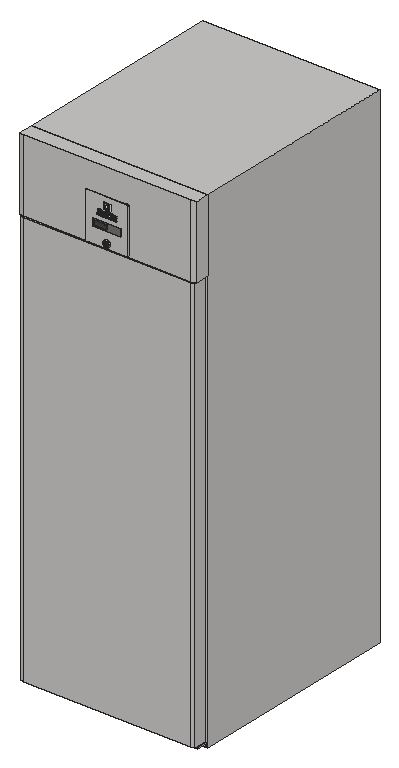
Revit family "QF_ELECTROLUXPROFESSIONAL_725094_RI093RE1F", category Specialty Equipment, Revit 2018
Family settings
  Round Connector Dimension = Use Diameter
  Part Type = Normal
  Work Plane-Based = No
  Always vertical = Yes
  Cut with Voids When Loaded = No
  Shared = No
  Room Calculation Point = No
Parameters (values of type "Standard")
  Weight = 144.00 kg
  Watts = 0 W
  Volts = 220 V
  URL Manufacturer = "http://professional.electrolux.com"
  URL = "http://professional.electrolux.com"
  Steam Supply Size = 0 mm
  Steam Supply Minimum Pressure = 0.0 Pa
  Steam Supply Maximum Pressure = 0.0 Pa
  Steam Pounds per Hour = 0
  Refrigeration Suction Line Size = 0 mm
  Refrigeration Liquid Line Size = 0 mm
  Refrigerant Compressor Remote = yes
  Manufacturer = "Electrolux Professional"
  Phase = 1
  Model = "RI093RE1F"
  Length Actual = 750 mm  # constant formula
  Item Number = "725094"
  Hot Water Size = 0 mm
  Height Actual = 2111 mm  # constant formula
  HP = "0.4 HP"
  Gas Size = 0 mm
  Gas KW = 0
  Gas Input Pressure = 0 W
  Direct Waste Size = 0 mm
  Description = "1-DOOR ROLL-IN REFRIGERATOR 930LT 0/+10°C R290"
  Depth Actual = 986 mm  # constant formula
  Cycle = 50 Hz
  Condensate Return Size = 0 mm
  Compressed Air Volume = 0.0 L/s
  Compressed Air Size = 0 mm
  Compressed Air Pressure = 0.0 Pa
  Cold Water Size = 0 mm
  Accessory = yes
Types (2, lengths in mm): name | URL | Manufacturer | Phase | Model | Description
  (no name) | 0 | 0 | 0 | 0 | 0
  Standard | "http://professional.electrolux.com" | "Electrolux Professional" | 1 | "RI093RE1F" | "1-DOOR ROLL-IN REFRIGERATOR 930LT 0/+10°C R290"
Values of the unnamed type that differ from the named types
  Volts = 0 V
  URL Manufacturer = ""
  Item Number = ""
  Cycle = 0 Hz
Reference planes
  plane 1 "Center (Front/Back)": y = 0
  plane 2: z = 0
  plane 3 "Center (Left/Right)": x = 0
  plane 4 "TOP": z = 2111
  plane 5 "FRONT": y = -493
  plane 6 "BACK": y = 493
  plane 7 "LEFT": x = -375
  plane 8 "RIGHT": x = 375
  plane 9 "ROy": y = 220
  plane 10 "RIy": y = 167
  plane 11 "ROx": x = 129
  plane 12 "RIx": x = 192
  plane 13 "ROz": z = 2004
Forms (mm)
  Extrusion 1, solid, material "QF_Finishes_Stainless Steel"
    sketch origin (0, 0, 0) x (1, 0, 0) y (0, 1, 0)
      loop
        line (-375, 493) -> (-375, -421) -> (375, -421) -> (375, 493) -> (-375, 493)
    from 0 to 2111
  Extrusion 2, solid
    sketch origin (0, 493, 1872) x (-1, 0, 0) y (0, 0, 1)
      loop
        circle (359, 144) r 10
    from 0 to 3.2
  Extrusion 3, solid, material "QF_Clearances", detail levels coarse
    sketch origin (0, 0, 0) x (1, 0, 0) y (0, 1, 0)
      loop
        line (-375, -493) -> (-375, 493) -> (375, 493) -> (375, -493) -> (425, -493) -> (425, 543) -> (-425, 543) -> (-425, -493) -> (-375, -493)
    from 0 to 2111
  Extrusion 4, solid, material "QF_Clearances", detail levels coarse
    sketch origin (0, 0, 2111) x (-1, 0, 0) y (0, -1, 0)
      loop
        line (425, -543) -> (425, 493) -> (-425, 493) -> (-425, -543) -> (425, -543)
    from 0 to 500
  Extrusion 5, void
    sketch origin (0, 493, 0) x (-1, 0, 0) y (0, 0, 1)
      loop
        line (315, 1723.5) -> (-315, 1723.5) -> (-315, 5) -> (315, 5) -> (315, 1723.5)
    from -59 to -914
Cuts and joins
  joined: Extrusion 3, Extrusion 4
  Extrusion 5 cuts Extrusion 1
Lines and regions (mm)
  symbolic lines, style "QF_Clearances", detail levels coarse
    curve 1: line (-375, -493, 2111) -> (-425, -493, 2111)
    curve 2: line (-425, -493, 2111) -> (-425, 543, 2111)
    curve 3: line (-425, 543, 2111) -> (425, 543, 2111)
    curve 4: line (425, 543, 2111) -> (425, -493, 2111)
    curve 5: line (425, -493, 2111) -> (375, -493, 2111)
Dimensions and locks
  plane 6 "BACK" to plane 1 "Center (Front/Back)" to plane 5 "FRONT" = 493 mm, 493 mm
  equal spacing: plane 7 "LEFT", plane 3 "Center (Left/Right)", plane 8 "RIGHT"
  plane 7 "LEFT" to plane 8 "RIGHT" = 750 mm
  plane 6 "BACK" to plane 5 "FRONT" = 986 mm
  plane 4 "TOP" to plane 2 = 2111 mm
  equal spacing: plane 8 "RIGHT", plane 3 "Center (Left/Right)", plane 7 "LEFT"
  plane 6 "BACK" to nested 1 = 1664 mm
  cut or joined group of Extrusion 1, Extrusion 5 to cut or joined group of Extrusion 1, Extrusion 5 = 630 mm
  cut or joined group of Extrusion 1, Extrusion 5 to cut or joined group of Extrusion 1, Extrusion 5 = 855 mm
  plane 6 "BACK" to plane 10 "RIy" = 326 mm
  plane 12 "RIx" to cut or joined group of Extrusion 1, Extrusion 5 = 183 mm
  plane 11 "ROx" to plane 12 "RIx" = 63 mm
  cut or joined group of Extrusion 1, Extrusion 5 to plane 13 "ROz" = 107 mm
  cut or joined group of Extrusion 3, Extrusion 4 to plane 4 "TOP" = 500 mm
  nested 1 to cut or joined group of Extrusion 1, Extrusion 5 = 980 mm
  nested 1 to nested 1 = 16 mm
  cut or joined group of Extrusion 3, Extrusion 4 to cut or joined group of Extrusion 1, Extrusion 5 = 50 mm
  cut or joined group of Extrusion 3, Extrusion 4 to plane 7 "LEFT" = 50 mm
  cut or joined group of Extrusion 1, Extrusion 5 to cut or joined group of Extrusion 3, Extrusion 4 = 50 mm
  plane 4 "TOP" to plane 13 "ROz" = 107 mm
  plane 9 "ROy" to plane 10 "RIy" = 53 mm
  aligned and locked: level to plane 2
Automatic sketch dimensions
  plane 7 "LEFT" to Extrusion 2 sketch curve = 16 mm
  Extrusion 4 sketch curve to plane 5 "FRONT" = 0 mm
  Extrusion 4 sketch curve to plane 8 "RIGHT" = 50 mm
  Extrusion 4 sketch curve to plane 7 "LEFT" = 50 mm
  plane 6 "BACK" to Extrusion 4 sketch curve = 50 mm
  Extrusion 1 sketch curve to plane 7 "LEFT" = 0 mm
  Extrusion 1 sketch curve to plane 8 "RIGHT" = 0 mm
  Extrusion 1 sketch curve to plane 6 "BACK" = 0 mm
  plane 5 "FRONT" to Extrusion 1 sketch curve = 72 mm
  Extrusion 2 sketch curve to plane 4 "TOP" = 95 mm
  Extrusion 3 sketch curve to plane 5 "FRONT" = 0 mm  (x2)
  Extrusion 3 sketch curve to plane 7 "LEFT" = 0 mm
  Extrusion 3 sketch curve to plane 6 "BACK" = 0 mm
  Extrusion 3 sketch curve to plane 8 "RIGHT" = 0 mm
  Extrusion 3 sketch curve to plane 7 "LEFT" = 50 mm
  Extrusion 3 sketch curve to plane 8 "RIGHT" = 50 mm
  plane 6 "BACK" to Extrusion 3 sketch curve = 50 mm
  level to Extrusion 5 sketch curve = 5 mm
  plane 8 "RIGHT" to Extrusion 5 sketch curve = 60 mm
  plane 7 "LEFT" to Extrusion 5 sketch curve = 60 mm
  Extrusion 5 sketch curve to plane 4 "TOP" = 387.5 mm
  curve 4 to plane 5 "FRONT" = 0 mm
  curve 5 to plane 8 "RIGHT" = 0 mm
  curve 1 to plane 5 "FRONT" = 0 mm
  curve 1 to plane 7 "LEFT" = 0 mm
  curve 4 to plane 8 "RIGHT" = 50 mm
  curve 2 to plane 7 "LEFT" = 50 mm
  plane 6 "BACK" to curve 4 = 50 mm
  radius of Extrusion 2 sketch curve = 10 mm
Nested families
  nested 1: "QF_725094_Door" at (0, -421, 1060.5) x (1, 0, 0) z (0, -1, 0), type "QF_725094_Door"
    with Show Clearance yes
  nested 2: "Refrigerator" at (370, -442.5, 110), type "Refrigerator"
Connectors
  electrical at (-359, 496.2, 2016), driven by "Volts"
    settings: on Extrusion 2, index 2, voltage 220 V, apparent load 0 VA, apparent load phase1 0 VA, apparent load phase2 0 VA, apparent load phase3 0 VA, power factor 1, load classification "Other", number of poles 1, system type 30, power factor state 1, is connector primary yes, connector utility no, sub classification motor no, connector description "Electrical Connection"
Definition of nested family "QF_725094_Door"
  Parameters
    Show Clearance [instance] = yes
    Model = "725094"
    Default Elevation = 1219.2 mm
  Reference planes
    plane 1 "Center (Front/Back)": y = 7.5
    plane 2: z = 0
    plane 3 "Center (Left/Right)": x = 0
  Forms (mm)
    Extrusion 1, solid
      sketch origin (0, -919.2, 0) x (1, 0, 0) y (0, 1, 0)
        loop
          line (-740, 2119.2) -> (-740, -324.806) -> (846.344, -324.806) -> (846.344, 2119.2) -> (-740, 2119.2)
      from 0 to -59.546
    Extrusion 2, solid
      sketch origin (0, 7.5, 0) x (1, 0, 0) y (0, 0, 1)
        loop
          line (-375, 60.667) -> (-375, 0) -> (375, 0) -> (375, 60.667) -> (355, 66) -> (-355, 66) -> (-375, 60.667)
      from -1043 to -733
    Extrusion 3, solid
      sketch origin (0, 7.5, 0) x (1, 0, 0) y (0, 0, 1)
        loop
          line (-370, 62) -> (-370, 26) -> (-348, 26) -> (-348, 8) -> (-330, 8) -> (-330, 0) -> (362, 0) -> (362, 8) -> (370, 8) -> (370, 62) -> (355, 66) -> (-355, 66) -> (-370, 62)
      from -726 to 1043
    Extrusion 4, solid
      sketch origin (147, -721.5, 0) x (0, 1, 0) y (0, 0, 1)
        loop
          line (-323.003, 40.312) -> (-316.501, 40.312) -> (-316.501, 42.812) -> (-325.503, 42.812) -> (-325.503, 2.5) -> (-339, 2.5) -> (-339, 0) -> (-323.003, 0) -> (-323.003, 12.259) -> (-323.003, 40.312)
        loop
          line (-314, 38.311) -> (-316.501, 38.311) -> (-316.501, 14.304) -> (-319.752, 14.304) -> (-319.752, 11.804) -> (-314, 11.804) -> (-314, 38.311)
      from 185 to 220
    Extrusion 5, solid
      sketch origin (147, 499.597, 0) x (0, 1, 0) y (0, 0, 1)
        loop
          line (233.903, 27.948) -> (233.903, 2.948) -> (233.903, 0) -> (240.903, 0) -> (240.903, 2.5) -> (236.403, 2.5) -> (236.403, 27.948) -> (233.903, 27.948)
      from 185 to 220
    Extrusion 6, solid, detail levels coarse
      sketch origin (24, 1013.369, -334) x (-1, 0, 0) y (0, 0, -1)
        loop
          line (-367, -352) -> (-367, -1084) -> (-329, -1084) -> (-329, -1062) -> (-311, -1062) -> (-311, -1044) -> (-303, -1044) -> (-303, -400) -> (-351, -400) -> (-351, -352) -> (-367, -352)
      from 2048.869 to 279.869
    Extrusion 7, solid, detail levels coarse
      sketch origin (41, 1123.369, -334) x (1, 0, 0) y (0, 0, 1)
        loop
          line (286, 400) -> (286, 1044) -> (294, 1044) -> (294, 1062) -> (312, 1062) -> (312, 1084)
          arc (312, 1084) -> (-184.675, 884.882) -> (-411, 400) r 727.877
          line (-411, 400) -> (286, 400)
      from 2158.869 to 389.869
  Lines and regions (mm)
    symbolic lines
      curve 1: line (-375, 7.5, 0) -> (-375, 7.5, 60.667)
      curve 2: line (375, 7.5, 0) -> (-375, 7.5, 0)
      curve 3: line (391, 7.5, 18) -> (391, 7.5, 750)
      curve 4: line (327, 7.5, 66) -> (327, 7.5, 710)
      curve 5: line (391, 7.5, 750) -> (353, 7.5, 750)
      curve 6: line (353, 7.5, 728) -> (353, 7.5, 750)
      curve 7: line (335, 7.5, 728) -> (353, 7.5, 728)
      curve 8: line (335, 7.5, 710) -> (335, 7.5, 728)
      curve 9: line (327, 7.5, 710) -> (335, 7.5, 710)
      curve 10: line (375, 7.5, 18) -> (391, 7.5, 18)
      curve 11: arc (353, 7.5, 750) -> (-143.675, 7.5, 550.882) -> (-370, 7.5, 66) r 727.877
      curve 12: line (375, 7.5, 0) -> (375, 7.5, 60.667)
      curve 13: line (-355, 7.5, 66) -> (-375, 7.5, 60.667)
      curve 14: line (355, 7.5, 66) -> (-355, 7.5, 66)
      curve 15: line (375, 7.5, 60.667) -> (355, 7.5, 66)
  Dimensions and locks
    Extrusion 4 to Extrusion 2 = 2111 mm
    Extrusion 3 to Extrusion 3 = 740 mm
    aligned and locked: plane 2 to Extrusion 1
    aligned and locked: level to Extrusion 1
  Nested families
    nested 1: "QF_DisplayNewRollCabinets_ELX" at (0, 840.5, 66), type "QF_DisplayNewRollCabinets_ELX"
      with Show Clearance yes
  Definition of nested family "QF_DisplayNewRollCabinets_ELX"
    Parameters
      Show Clearance [instance] = yes
      Model = "728658"
      Default Elevation = 1219.2 mm
    Reference planes
      plane 1 "Center (Front/Back)": y = 0
      plane 2: z = 0
      plane 3 "Center (Left/Right)": x = 0
    Forms (mm)
      Extrusion 1, solid
        sketch origin (0, -919.2, 0) x (1, 0, 0) y (0, 1, 0)
          loop
            line (-198.75, 1146.2) -> (-198.75, 709.567) -> (165.741, 709.567) -> (165.741, 1146.2) -> (-198.75, 1146.2)
        from 0 to -59.546
      Extrusion 2, solid
        sketch origin (-59, -79.611, 0) x (0, 1, 0) y (-1, 0, 0)
          loop
            circle (0.611, -59) r 14
          loop
            circle (0.611, -59) r 10
        from 1.6 to 6
      Extrusion 3, solid
        sketch origin (744.635, 285.889, 0) x (0, 1, 0) y (-1, 0, 0)
          loop
            circle (-364.889, 744.635) r 10
          loop
            circle (-364.889, 744.635) r 9
        from 1.6 to 6
      Extrusion 4, solid
        sketch origin (744.635, 285.889, 0) x (0, 1, 0) y (-1, 0, 0)
          loop
            circle (-364.889, 744.635) r 8.7
        from 1.6 to 6
      Extrusion 5, void
        sketch origin (744.635, 285.889, 0) x (0, 1, 0) y (-1, 0, 0)
          loop
            line (-372.339, 745.885) -> (-372.339, 743.385) -> (-362.339, 743.385) -> (-362.339, 745.885) -> (-372.339, 745.885)
        from 3 to 7
      Extrusion 6, solid
        sketch origin (0, 0, 0) x (1, 0, 0) y (0, 1, 0)
          loop
            arc (-90, -95) -> (-88.536, -98.536) -> (-85, -100) r 5
            line (-85, -100) -> (85, -100)
            arc (85, -100) -> (88.536, -98.536) -> (90, -95) r 5
            line (90, -95) -> (90, 95)
            arc (90, 95) -> (88.536, 98.536) -> (85, 100) r 5
            line (85, 100) -> (-85, 100)
            arc (-85, 100) -> (-88.536, 98.536) -> (-90, 95) r 5
            line (-90, 95) -> (-90, -95)
          loop
            line (-60, -3.798) -> (-60, -32.827) -> (60, -32.827) -> (60, -3.798) -> (-60, -3.798)
        from 0 to 1.6
      Extrusion 7, solid
        sketch origin (0, 0, 0) x (1, 0, 0) y (0, 1, 0)
          loop
            line (-60, -3.798) -> (-60, -32.827) -> (60, -32.827) -> (60, -3.798) -> (-60, -3.798)
          loop
            line (-56.428, -8.037) -> (-56.428, -28.331) -> (0, -28.331) -> (0, -8.037) -> (-56.428, -8.037)
        from 0 to 1.6
      Extrusion 8, solid
        sketch origin (0, 0, 0) x (1, 0, 0) y (0, 1, 0)
          loop
            line (-56.428, -8.037) -> (-56.428, -28.331) -> (0, -28.331) -> (0, -8.037) -> (-56.428, -8.037)
        from 0 to 1.6
      Extrusion 9, solid
        sketch origin (0, 0, 0) x (1, 0, 0) y (0, 1, 0)
          loop
            spline (-35.495, 30.517) -> (-35.679, 30.525) -> (-35.875, 30.55) -> (-36.078, 30.596) -> (-36.282, 30.665) -> (-36.483, 30.762) -> (-36.674, 30.888) -> (-36.851, 31.047) -> (-37.007, 31.242) -> (-37.138, 31.476) -> (-37.238, 31.752) -> (-37.302, 32.073) -> (-37.325, 32.443)
            line (-37.325, 32.443) -> (-37.325, 34.082) -> (-31.914, 34.082) -> (-31.914, 36.172) -> (-37.326, 36.172) -> (-37.326, 39.215) -> (-31.569, 39.215) -> (-31.569, 41.3) -> (-39.541, 41.3) -> (-39.541, 32.538)
            spline (-39.541, 32.538) -> (-39.521, 31.999) -> (-39.461, 31.491) -> (-39.359, 31.016) -> (-39.214, 30.575) -> (-39.026, 30.17) -> (-38.792, 29.803) -> (-38.513, 29.476) -> (-38.186, 29.19) -> (-37.811, 28.948) -> (-37.386, 28.75) -> (-36.91, 28.599) -> (-36.383, 28.497)
            line (-36.383, 28.497) -> (-35.513, 28.434) -> (-31.415, 28.434) -> (-31.415, 30.517) -> (-35.495, 30.517)
          loop
            line (-29.841, 35.221) -> (-29.841, 28.431) -> (-27.625, 28.431) -> (-27.625, 41.303) -> (-29.841, 41.303) -> (-29.841, 35.221)
          loop
            spline (-16.689, 32.543) -> (-16.674, 33.24) -> (-16.741, 33.914) -> (-16.887, 34.559) -> (-17.108, 35.168) -> (-17.403, 35.737) -> (-17.768, 36.257) -> (-18.2, 36.724) -> (-18.697, 37.131) -> (-19.255, 37.471) -> (-19.872, 37.739) -> (-20.545, 37.929) -> (-21.271, 38.033)
            spline (-21.271, 38.033) -> (-21.961, 37.993) -> (-22.617, 37.875) -> (-23.233, 37.682) -> (-23.805, 37.417) -> (-24.328, 37.083) -> (-24.797, 36.683) -> (-25.207, 36.219) -> (-25.554, 35.696) -> (-25.832, 35.116) -> (-26.036, 34.481) -> (-26.162, 33.795) -> (-26.206, 33.061)
            spline (-26.206, 33.061) -> (-26.164, 32.345) -> (-26.041, 31.676) -> (-25.841, 31.056) -> (-25.568, 30.489) -> (-25.226, 29.977) -> (-24.818, 29.524) -> (-24.348, 29.133) -> (-23.822, 28.805) -> (-23.241, 28.546) -> (-22.61, 28.357) -> (-21.934, 28.241) -> (-21.215, 28.202)
            spline (-21.215, 28.202) -> (-20.865, 28.21) -> (-20.518, 28.237) -> (-20.176, 28.283) -> (-19.837, 28.35) -> (-19.503, 28.441) -> (-19.173, 28.557) -> (-18.847, 28.699) -> (-18.525, 28.87) -> (-18.208, 29.07) -> (-17.895, 29.303) -> (-17.587, 29.569) -> (-17.283, 29.871)
            line (-17.283, 29.871) -> (-18.618, 31.17)
            spline (-18.618, 31.17) -> (-18.794, 31.001) -> (-18.971, 30.845) -> (-19.151, 30.704) -> (-19.334, 30.578) -> (-19.523, 30.465) -> (-19.72, 30.368) -> (-19.925, 30.284) -> (-20.141, 30.216) -> (-20.369, 30.163) -> (-20.61, 30.125) -> (-20.867, 30.102) -> (-21.141, 30.094)
            spline (-21.141, 30.094) -> (-21.542, 30.114) -> (-21.918, 30.172) -> (-22.268, 30.268) -> (-22.589, 30.399) -> (-22.881, 30.564) -> (-23.142, 30.762) -> (-23.37, 30.99) -> (-23.564, 31.248) -> (-23.721, 31.534) -> (-23.841, 31.846) -> (-23.921, 32.183) -> (-23.961, 32.543)
            line (-23.961, 32.543) -> (-16.689, 32.543)
          loop
            spline (-18.915, 34.101) -> (-18.937, 34.375) -> (-19, 34.638) -> (-19.101, 34.889) -> (-19.237, 35.124) -> (-19.407, 35.342) -> (-19.606, 35.538) -> (-19.833, 35.712) -> (-20.083, 35.859) -> (-20.355, 35.979) -> (-20.646, 36.067) -> (-20.952, 36.122) -> (-21.271, 36.141)
            spline (-21.271, 36.141) -> (-21.613, 36.123) -> (-21.943, 36.069) -> (-22.256, 35.981) -> (-22.552, 35.864) -> (-22.825, 35.717) -> (-23.075, 35.545) -> (-23.297, 35.35) -> (-23.49, 35.133) -> (-23.65, 34.897) -> (-23.774, 34.645) -> (-23.86, 34.379) -> (-23.905, 34.101)
            line (-23.905, 34.101) -> (-18.915, 34.101)
          loop
            spline (-13.301, 33.118) -> (-13.275, 33.53) -> (-13.201, 33.921) -> (-13.081, 34.288) -> (-12.918, 34.628) -> (-12.715, 34.938) -> (-12.475, 35.216) -> (-12.201, 35.459) -> (-11.896, 35.664) -> (-11.563, 35.828) -> (-11.205, 35.948) -> (-10.825, 36.023) -> (-10.425, 36.048)
            spline (-10.425, 36.048) -> (-10.18, 36.041) -> (-9.946, 36.018) -> (-9.721, 35.98) -> (-9.505, 35.928) -> (-9.298, 35.862) -> (-9.099, 35.782) -> (-8.908, 35.688) -> (-8.724, 35.581) -> (-8.547, 35.461) -> (-8.376, 35.329) -> (-8.211, 35.185) -> (-8.051, 35.028)
            line (-8.051, 35.028) -> (-6.678, 36.457)
            spline (-6.678, 36.457) -> (-6.951, 36.73) -> (-7.233, 36.975) -> (-7.522, 37.194) -> (-7.819, 37.386) -> (-8.123, 37.553) -> (-8.434, 37.695) -> (-8.751, 37.813) -> (-9.075, 37.908) -> (-9.404, 37.98) -> (-9.739, 38.031) -> (-10.08, 38.061) -> (-10.425, 38.07)
            spline (-10.425, 38.07) -> (-11.118, 38.028) -> (-11.781, 37.902) -> (-12.409, 37.698) -> (-12.996, 37.421) -> (-13.537, 37.075) -> (-14.024, 36.665) -> (-14.453, 36.196) -> (-14.817, 35.671) -> (-15.11, 35.097) -> (-15.327, 34.476) -> (-15.462, 33.815) -> (-15.508, 33.118)
            spline (-15.508, 33.118) -> (-15.462, 32.42) -> (-15.327, 31.759) -> (-15.11, 31.138) -> (-14.817, 30.564) -> (-14.453, 30.039) -> (-14.024, 29.57) -> (-13.537, 29.16) -> (-12.996, 28.814) -> (-12.409, 28.537) -> (-11.781, 28.333) -> (-11.118, 28.207) -> (-10.425, 28.165)
            spline (-10.425, 28.165) -> (-10.08, 28.174) -> (-9.739, 28.204) -> (-9.404, 28.255) -> (-9.075, 28.327) -> (-8.751, 28.422) -> (-8.434, 28.54) -> (-8.123, 28.682) -> (-7.819, 28.849) -> (-7.522, 29.041) -> (-7.233, 29.26) -> (-6.951, 29.505) -> (-6.678, 29.779)
            line (-6.678, 29.779) -> (-8.051, 31.207)
            spline (-8.051, 31.207) -> (-8.211, 31.05) -> (-8.376, 30.906) -> (-8.547, 30.774) -> (-8.724, 30.654) -> (-8.908, 30.547) -> (-9.099, 30.453) -> (-9.298, 30.373) -> (-9.505, 30.307) -> (-9.721, 30.255) -> (-9.946, 30.217) -> (-10.18, 30.194) -> (-10.425, 30.187)
            spline (-10.425, 30.187) -> (-10.825, 30.212) -> (-11.205, 30.287) -> (-11.563, 30.407) -> (-11.896, 30.571) -> (-12.201, 30.776) -> (-12.475, 31.019) -> (-12.715, 31.297) -> (-12.918, 31.607) -> (-13.081, 31.947) -> (-13.201, 32.314) -> (-13.275, 32.705) -> (-13.301, 33.118)
          loop
            spline (-1.029, 30.514) -> (-1.224, 30.511) -> (-1.433, 30.525) -> (-1.651, 30.562) -> (-1.872, 30.623) -> (-2.09, 30.713) -> (-2.301, 30.835) -> (-2.498, 30.992) -> (-2.675, 31.189) -> (-2.829, 31.429) -> (-2.952, 31.716) -> (-3.039, 32.053) -> (-3.086, 32.443)
            line (-3.086, 32.443) -> (-3.086, 35.726) -> (-1.07, 35.726) -> (-1.07, 37.739) -> (-3.083, 37.739) -> (-3.083, 41.303) -> (-5.299, 41.303) -> (-5.299, 32.317)
            spline (-5.299, 32.317) -> (-5.251, 31.795) -> (-5.165, 31.305) -> (-5.04, 30.847) -> (-4.875, 30.424) -> (-4.668, 30.037) -> (-4.418, 29.687) -> (-4.125, 29.377) -> (-3.788, 29.108) -> (-3.405, 28.881) -> (-2.975, 28.699) -> (-2.498, 28.562) -> (-1.972, 28.474)
            line (-1.972, 28.474) -> (-1.037, 28.431) -> (-1.029, 30.514)
          loop
            spline (6.427, 37.868) -> (6.044, 37.892) -> (5.675, 37.885) -> (5.321, 37.849) -> (4.984, 37.784) -> (4.663, 37.692) -> (4.362, 37.573) -> (4.079, 37.428) -> (3.817, 37.259) -> (3.576, 37.066) -> (3.358, 36.85) -> (3.163, 36.613) -> (2.992, 36.355)
            line (2.992, 36.355) -> (2.992, 37.739) -> (0.794, 37.739) -> (0.794, 28.431) -> (2.992, 28.431) -> (2.992, 33.325)
            spline (2.992, 33.325) -> (3.013, 33.696) -> (3.072, 34.042) -> (3.169, 34.362) -> (3.303, 34.653) -> (3.471, 34.915) -> (3.673, 35.147) -> (3.907, 35.346) -> (4.171, 35.513) -> (4.465, 35.644) -> (4.785, 35.74) -> (5.132, 35.799) -> (5.504, 35.818)
            line (5.504, 35.818) -> (6.427, 35.726) -> (6.427, 37.868)
          loop
            spline (16.924, 33.085) -> (16.877, 33.768) -> (16.743, 34.419) -> (16.525, 35.032) -> (16.231, 35.603) -> (15.866, 36.126) -> (15.437, 36.596) -> (14.949, 37.008) -> (14.409, 37.357) -> (13.823, 37.637) -> (13.196, 37.844) -> (12.535, 37.972) -> (11.845, 38.016)
            spline (11.845, 38.016) -> (11.152, 37.972) -> (10.488, 37.844) -> (9.86, 37.637) -> (9.273, 37.357) -> (8.733, 37.008) -> (8.246, 36.596) -> (7.818, 36.126) -> (7.455, 35.603) -> (7.163, 35.032) -> (6.946, 34.419) -> (6.812, 33.768) -> (6.766, 33.085)
            spline (6.766, 33.085) -> (6.812, 32.402) -> (6.946, 31.752) -> (7.163, 31.138) -> (7.455, 30.568) -> (7.818, 30.045) -> (8.246, 29.574) -> (8.733, 29.162) -> (9.273, 28.813) -> (9.86, 28.533) -> (10.488, 28.326) -> (11.152, 28.198) -> (11.845, 28.154)
            spline (11.845, 28.154) -> (12.535, 28.198) -> (13.196, 28.326) -> (13.823, 28.533) -> (14.409, 28.813) -> (14.949, 29.162) -> (15.437, 29.574) -> (15.866, 30.045) -> (16.231, 30.568) -> (16.525, 31.138) -> (16.743, 31.752) -> (16.877, 32.402) -> (16.924, 33.085)
          loop
            spline (14.726, 33.085) -> (14.7, 33.488) -> (14.625, 33.872) -> (14.504, 34.235) -> (14.34, 34.572) -> (14.136, 34.882) -> (13.895, 35.161) -> (13.62, 35.405) -> (13.315, 35.612) -> (12.981, 35.778) -> (12.623, 35.901) -> (12.244, 35.977) -> (11.845, 36.003)
            spline (11.845, 36.003) -> (11.443, 35.977) -> (11.061, 35.901) -> (10.702, 35.778) -> (10.368, 35.612) -> (10.063, 35.405) -> (9.789, 35.161) -> (9.549, 34.882) -> (9.346, 34.572) -> (9.184, 34.235) -> (9.064, 33.872) -> (8.99, 33.488) -> (8.965, 33.085)
            spline (8.965, 33.085) -> (8.99, 32.682) -> (9.064, 32.298) -> (9.184, 31.936) -> (9.346, 31.598) -> (9.549, 31.288) -> (9.789, 31.01) -> (10.063, 30.765) -> (10.368, 30.558) -> (10.702, 30.392) -> (11.061, 30.269) -> (11.443, 30.193) -> (11.845, 30.167)
            spline (11.845, 30.167) -> (12.244, 30.193) -> (12.623, 30.269) -> (12.981, 30.392) -> (13.315, 30.558) -> (13.62, 30.765) -> (13.895, 31.01) -> (14.136, 31.288) -> (14.34, 31.598) -> (14.504, 31.936) -> (14.625, 32.298) -> (14.7, 32.682) -> (14.726, 33.085)
          loop
            line (18.286, 35.443) -> (18.286, 28.431) -> (20.504, 28.431) -> (20.504, 41.303) -> (18.286, 41.303) -> (18.286, 35.443)
          loop
            line (28.496, 37.739) -> (28.496, 32.328)
            spline (28.496, 32.328) -> (28.478, 31.977) -> (28.426, 31.659) -> (28.342, 31.376) -> (28.228, 31.126) -> (28.085, 30.908) -> (27.916, 30.721) -> (27.723, 30.566) -> (27.508, 30.44) -> (27.273, 30.344) -> (27.019, 30.276) -> (26.748, 30.236) -> (26.464, 30.223)
            spline (26.464, 30.223) -> (26.18, 30.236) -> (25.909, 30.276) -> (25.656, 30.344) -> (25.42, 30.44) -> (25.205, 30.564) -> (25.012, 30.719) -> (24.843, 30.904) -> (24.701, 31.12) -> (24.587, 31.368) -> (24.503, 31.648) -> (24.451, 31.962) -> (24.433, 32.309)
            line (24.433, 32.309) -> (24.433, 37.739) -> (22.198, 37.739) -> (22.198, 32.125)
            spline (22.198, 32.125) -> (22.238, 31.488) -> (22.352, 30.91) -> (22.537, 30.388) -> (22.786, 29.923) -> (23.095, 29.514) -> (23.456, 29.16) -> (23.866, 28.863) -> (24.319, 28.62) -> (24.808, 28.432) -> (25.33, 28.298) -> (25.877, 28.218) -> (26.446, 28.191)
            spline (26.446, 28.191) -> (27.019, 28.218) -> (27.571, 28.299) -> (28.097, 28.435) -> (28.591, 28.626) -> (29.047, 28.872) -> (29.46, 29.174) -> (29.825, 29.532) -> (30.136, 29.947) -> (30.387, 30.419) -> (30.574, 30.948) -> (30.69, 31.535) -> (30.729, 32.18)
            line (30.729, 32.18) -> (30.729, 37.739) -> (28.496, 37.739)
          loop
            line (39.115, 31.408) -> (37.717, 33.362) -> (39.448, 35.719) -> (40.93, 37.739) -> (38.511, 37.739) -> (36.497, 34.95) -> (34.466, 37.739) -> (32.065, 37.739) -> (33.442, 35.856) -> (35.279, 33.344) -> (33.354, 30.663) -> (31.751, 28.431) -> (34.134, 28.431) -> (36.497, 31.719) -> (38.861, 28.431) -> (41.244, 28.431) -> (39.115, 31.408)
          loop
            line (-38.295, 23.783) -> (-40.009, 23.783) -> (-40.009, 19.333) -> (-39.095, 19.333) -> (-39.095, 20.841) -> (-38.295, 20.841)
            arc (-38.295, 20.841) -> (-36.824, 22.312) -> (-38.295, 23.783) r 1.471
          loop
            arc (-38.234, 21.69) -> (-37.702, 22.312) -> (-38.234, 22.934) r 0.63
            line (-38.234, 22.934) -> (-39.095, 22.934) -> (-39.095, 21.69) -> (-38.234, 21.69)
          loop
            line (-31.313, 23.783) -> (-33.058, 23.783) -> (-33.058, 19.333) -> (-32.144, 19.333) -> (-32.144, 20.866) -> (-31.349, 20.866) -> (-30.568, 19.333) -> (-29.53, 19.333) -> (-30.598, 21.091)
            arc (-30.598, 21.091) -> (-30.04, 21.611) -> (-29.845, 22.348) r 1.374
            arc (-29.845, 22.348) -> (-30.287, 23.365) -> (-31.313, 23.783) r 1.469
          loop
            line (-31.332, 22.942) -> (-32.144, 22.942) -> (-32.144, 21.7) -> (-31.332, 21.7)
            arc (-31.332, 21.7) -> (-30.827, 22.321) -> (-31.332, 22.942) r 0.634
          loop
            circle (-23.849, 21.558) r 2.311
          loop
            circle (-23.849, 21.558) r 1.467
          loop
            line (-17.711, 23.783) -> (-17.711, 19.333) -> (-16.796, 19.333) -> (-16.796, 21.162) -> (-15.122, 21.162) -> (-15.122, 22.003) -> (-16.796, 22.003) -> (-16.796, 22.942) -> (-14.961, 22.942) -> (-14.961, 23.783) -> (-17.711, 23.783)
          loop
            line (-11.187, 23.783) -> (-11.187, 20.776)
            arc (-11.187, 20.776) -> (-10.776, 19.757) -> (-9.763, 19.333) r 1.424
            line (-9.763, 19.333) -> (-8.326, 19.333) -> (-8.326, 20.174) -> (-9.388, 20.174)
            arc (-9.388, 20.174) -> (-10.074, 20.494) -> (-10.272, 21.224) r 0.897
            line (-10.272, 21.224) -> (-8.492, 21.224) -> (-8.492, 22.065) -> (-10.272, 22.065) -> (-10.272, 22.942) -> (-8.369, 22.942) -> (-8.369, 23.783) -> (-11.187, 23.783)
          loop
            line (-2.341, 22.616) -> (-1.684, 23.067)
            arc (-1.684, 23.067) -> (-2.293, 23.661) -> (-3.121, 23.857) r 1.593
            arc (-3.121, 23.857) -> (-3.842, 23.672) -> (-4.423, 23.206) r 1.765
            arc (-4.423, 23.206) -> (-4.501, 22.623) -> (-4.383, 22.046) r 1.775
            arc (-4.383, 22.046) -> (-3.986, 21.617) -> (-3.47, 21.346) r 1.724
            arc (-3.47, 21.346) -> (-3.071, 21.188) -> (-2.688, 20.994) r 4.507
            arc (-2.688, 20.994) -> (-2.464, 20.43) -> (-2.973, 20.098) r 0.479
            arc (-2.973, 20.098) -> (-3.616, 20.315) -> (-4.111, 20.78) r 1.593
            line (-4.111, 20.78) -> (-4.81, 20.341)
            arc (-4.81, 20.341) -> (-4.533, 19.884) -> (-4.129, 19.534) r 1.711
            arc (-4.129, 19.534) -> (-3.616, 19.315) -> (-3.061, 19.259) r 1.845
            arc (-3.061, 19.259) -> (-2.375, 19.396) -> (-1.757, 19.724) r 2.41
            arc (-1.757, 19.724) -> (-1.484, 20.45) -> (-1.625, 21.213) r 1.447
            arc (-1.625, 21.213) -> (-1.929, 21.564) -> (-2.319, 21.818) r 1.678
            arc (-2.319, 21.818) -> (-2.811, 22.038) -> (-3.316, 22.227) r 8.836
            arc (-3.316, 22.227) -> (-3.607, 22.681) -> (-3.186, 23.017) r 0.402
            arc (-3.186, 23.017) -> (-2.717, 22.913) -> (-2.341, 22.616) r 1.07
          loop
            line (9.023, 23.783) -> (9.023, 19.333) -> (9.938, 19.333) -> (9.938, 23.783) -> (9.023, 23.783)
          loop
            circle (16.107, 21.558) r 1.384
          loop
            circle (16.107, 21.558) r 2.311
          loop
            line (22.245, 19.333) -> (23.169, 19.333) -> (23.169, 22.131) -> (25.205, 19.333) -> (26.094, 19.333) -> (26.094, 23.783) -> (25.17, 23.783) -> (25.17, 20.9) -> (23.135, 23.783) -> (22.245, 23.783) -> (22.245, 19.333)
          loop
            line (30.707, 19.333) -> (31.141, 20.293) -> (32.787, 20.293) -> (33.22, 19.333) -> (34.204, 19.333) -> (31.937, 23.783) -> (29.725, 19.333) -> (30.707, 19.333)
          loop
            line (31.964, 22.119) -> (31.552, 21.206) -> (32.376, 21.206) -> (31.964, 22.119)
          loop
            line (38.748, 20.174) -> (38.748, 23.783) -> (37.833, 23.783) -> (37.833, 19.333) -> (40.459, 19.333) -> (40.459, 20.174) -> (38.748, 20.174)
          loop
            line (-14.216, 47.398) -> (14.216, 47.398) -> (14.216, 75.792) -> (-14.216, 75.792) -> (-14.216, 47.398)
          loop
            line (3.797, 74.398) -> (3.797, 48.85)
            arc (3.797, 48.85) -> (13.241, 61.624) -> (3.797, 74.398) r 13.361
          loop
            line (2.497, 72.548) -> (2.497, 74.398)
            arc (2.497, 74.398) -> (-8.128, 71.983) -> (-13.247, 62.364) r 13.094
            line (-13.247, 62.364) -> (-9.02, 62.364)
            arc (-9.02, 62.364) -> (-1.469, 65.429) -> (2.497, 72.548) r 12.273
          loop
            arc (-13.247, 60.883) -> (-8.136, 51.185) -> (2.497, 48.522) r 13.436
            line (2.497, 48.522) -> (2.497, 50.7)
            arc (2.497, 50.7) -> (-1.469, 57.818) -> (-9.02, 60.883) r 12.273
            line (-9.02, 60.883) -> (-13.247, 60.883)
          loop
            line (4.381, 22.616) -> (5.039, 23.067)
            arc (5.039, 23.067) -> (4.429, 23.661) -> (3.601, 23.857) r 1.593
            arc (3.601, 23.857) -> (2.88, 23.672) -> (2.299, 23.206) r 1.765
            arc (2.299, 23.206) -> (2.221, 22.623) -> (2.339, 22.046) r 1.775
            arc (2.339, 22.046) -> (2.736, 21.617) -> (3.252, 21.346) r 1.724
            arc (3.252, 21.346) -> (3.651, 21.188) -> (4.034, 20.994) r 4.507
            arc (4.034, 20.994) -> (4.258, 20.43) -> (3.75, 20.098) r 0.479
            arc (3.75, 20.098) -> (3.106, 20.315) -> (2.611, 20.78) r 1.593
            line (2.611, 20.78) -> (1.912, 20.341)
            arc (1.912, 20.341) -> (2.189, 19.884) -> (2.594, 19.534) r 1.711
            arc (2.594, 19.534) -> (3.106, 19.315) -> (3.661, 19.259) r 1.845
            arc (3.661, 19.259) -> (4.347, 19.396) -> (4.965, 19.724) r 2.41
            arc (4.965, 19.724) -> (5.238, 20.45) -> (5.097, 21.213) r 1.447
            arc (5.097, 21.213) -> (4.793, 21.564) -> (4.403, 21.818) r 1.678
            arc (4.403, 21.818) -> (3.911, 22.038) -> (3.406, 22.227) r 8.836
            arc (3.406, 22.227) -> (3.115, 22.681) -> (3.536, 23.017) r 0.402
            arc (3.536, 23.017) -> (4.005, 22.913) -> (4.381, 22.616) r 1.07
        from 1.6 to 3.2
      Extrusion 10, solid
        sketch origin (0, 0, 0) x (1, 0, 0) y (0, 1, 0)
          loop
            line (1.25, -86.45) -> (1.25, -76.45) -> (-1.25, -76.45) -> (-1.25, -86.45) -> (1.25, -86.45)
        from 1.6 to 6
    Cuts and joins
      Extrusion 5 cuts Extrusion 4
    Lines and regions (mm)
      symbolic lines
        curve 1: line (52.518, 0, 4) -> (-53.037, 0, 4)
        curve 2: line (40, 0, 4) -> (40, 0, 6)
        curve 3: line (40, 0, 6) -> (-40, 0, 6)
        curve 4: line (-40, 0, 6) -> (-40, 0, 4)
        curve 5: line (-64.765, 0, 0) -> (-53.037, 0, 4)
        curve 6: line (52.518, 0, 4) -> (64.135, 0, 0)
    Dimensions and locks
      aligned and locked: plane 2 to Extrusion 1
      aligned and locked: level to Extrusion 1
Definition of nested family "Refrigerator"
  Reference planes
    plane 1 "Center (Front/Back)": y = 0
    plane 2: z = 0
    plane 3 "Center (Left/Right)": x = 0
  Lines and regions (mm)
    detail lines, in view "Ref. Level"
      curve 1: spline (-500, 190, 0) -> (-493.185, 166.706, 0) -> (-473.205, 145, 0) -> (-441.421, 126.36, 0) -> (-400, 112.058, 0) -> (-351.764, 103.067, 0) -> (-300, 100, 0) -> (-248.236, 103.067, 0) -> (-200, 112.058, 0) -> (-158.579, 126.36, 0) -> (-126.795, 145, 0) -> (-106.815, 166.706, 0) -> (-100, 190, 0) -> (-106.815, 213.294, 0) -> (-126.795, 235, 0) -> (-158.579, 253.64, 0) -> (-200, 267.942, 0) -> (-248.236, 276.933, 0) -> (-300, 280, 0) -> (-351.764, 276.933, 0) -> (-400, 267.942, 0) -> (-441.421, 253.64, 0) -> (-473.205, 235, 0) -> (-493.185, 213.294, 0) -> (-500, 190, 0)
      curve 2: line (-300, 130, 0) -> (-300, 250, 0)
      curve 3: line (-351.962, 220, 0) -> (-248.038, 160, 0)
      curve 4: line (-351.962, 160, 0) -> (-248.038, 220, 0)
      curve 5: line (-280.884, 246.873, 0) -> (-300, 225, 0)
      curve 6: line (-300, 225, 0) -> (-319.116, 246.873, 0)
      curve 7: line (-330.311, 207.5, 0) -> (-339.696, 234.992, 0)
      curve 8: line (-358.812, 201.882, 0) -> (-330.311, 207.5, 0)
      curve 9: line (-330.311, 172.5, 0) -> (-358.812, 178.118, 0)
      curve 10: line (-339.696, 145.008, 0) -> (-330.311, 172.5, 0)
      curve 11: line (-300, 155, 0) -> (-319.116, 133.127, 0)
      curve 12: line (-280.884, 133.127, 0) -> (-300, 155, 0)
      curve 13: line (-269.689, 172.5, 0) -> (-260.304, 145.008, 0)
      curve 14: line (-241.188, 178.118, 0) -> (-269.689, 172.5, 0)
      curve 15: line (-269.689, 207.5, 0) -> (-241.188, 201.882, 0)
      curve 16: line (-260.304, 234.992, 0) -> (-269.689, 207.5, 0)
